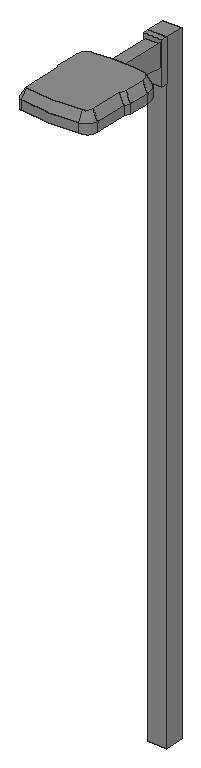
Revit family "VP-1_ASQU", category Lighting Fixtures, host Face, Revit 2019
Family settings
  Host = Face
  Round Connector Dimension = Use Diameter
  Part Type = Normal
  OmniClass Number = 23.80.70.11.14.17
  OmniClass Title = Direct/Indirect
  Cut with Voids When Loaded = No
  Light Source = No
  Shared = Yes
  Room Calculation Point = No
Parameters (values of type "VP-1-ASQU")
  Wattage Comments = "97.2W"
  Warranty = "Five year warranty"  # constant formula
  Voltage = 120 V
  URL = "https://www.currentlighting.com/beacon"
  Type Comments = "Lighting Fixture"  # constant formula
  Size1 [instance] = SIZE1-ASQU : SIZE1-ASQU
  Product Page URL = "https://www.currentlighting.com/outdoor-lighting/viper-area-size-1/9606403"
  Product Documentation Link = "https://cdn.currentlighting.com/site/specsheet/BEA_VIPERSPEC.pdf"
  Power Factor = 0.9
  Pole Height [instance] = 120.00"
  Name = "Viper Area Size 1"  # constant formula
  Model = "VP-1-ASQU"
  Matt Grey = MATT GREY
  Matt Black = Matt Black
  Manufacturer = "Current Lighting"  # constant formula
  Load Classification = Lighting
  Light Output = 6297.00 cd/m²
  Lamp = "LED"  # constant formula
  Grey = Grey
  Glass = Glass
  Pole Size [instance] = 3.50"
  Features = "Featuring two different optical technologies, Micro Strike and Strike Optics, which provide the best distribution patterns for retrofit or new construction\r\nVibration rated for high vibration applications including bridges and overpasses\r\nControl options including photo control, occupancy sensing, NX Lighting Controls, wiSCAPE and 7-Pin with networked controls\r\nMounting options include: Arm, Universal Arm, Adjustable Arm, Mast Arm, Decorative Arm, Knuckle, Trunnion, Wall\r\nDistribution options include: Auto Front Row, Type 2, Type 3, Type 4 Forward, Type 4 Wide, Type 5 Narrow, Type 5 Medium, Type 5 Wide, Type 5 Rectangular, Corner Optic, and Tennis Court\r\n\r\n"  # constant formula
  Copyright = "© 2022 Current Lighting"  # constant formula
  Cool Grey = Cool Grey
  Contact Us = "https://www.currentlighting.com/contact-us"
  Certification = "UL"  # constant formula
  Description = "The Viper is an extremely versatile area/site luminaire which blends design, performance, and technology for a variety of applications."  # constant formula
  Default Elevation = 48.00"
  Finish = Arctic White
  Matt White = Matt White
  CRI = "70"  # constant formula
  Brand = "Beacon"  # constant formula
  Assembly Code = "D5020200"
  Apparent Load = 97.2 VA
Reference planes (in)
  plane 1 "Center (Front/Back)": y = 6.16697
  plane 2: z = 0
  plane 3 "Center (Left/Right)": x = 0
  plane 4: z = 3.75
  plane 5: z = -4.44
  plane 6: x = -1.75
  plane 7: x = 1.75
  plane 8: y = 4.41697
  plane 9: y = 7.91697
  plane 10: z = 120
Forms (in)
  Extrusion 1, solid, material "Cool Grey" <- "Cool Grey"
    sketch origin (0, 0, 0) x (1, 0, 0) y (0, 1, 0)
      loop
        line (-1.75, 7.91697) -> (-1.75, 4.41697) -> (1.75, 4.41697) -> (1.75, 7.91697) -> (-1.75, 7.91697)
    from 0 to 120
Lines and regions (in)
  reference lines
    curve 1: line (0, 14.42606, -3.25) -> (0, 17.42606, -0.25)
    curve 2: line (0, -2.09213, -3.25) -> (0, 14.42606, -3.25)
    curve 3: line (0, -5.09213, -0.25) -> (0, -2.09213, -3.25)
    curve 4: line (0, 14.42606, -3.25) -> (0, 17.42606, -0.25)
    curve 5: line (0, -5.09213, -0.25) -> (0, 17.42606, -0.25)
    curve 6: line (0, 17.17606, -0.77432) -> (0, 17.92606, -0.77432)
    curve 7: line (0, 17.17606, -1.52432) -> (0, 17.17606, -0.77432)
    curve 8: line (0, 16.69614, -1.52432) -> (0, 17.17606, -1.52432)
    curve 9: line (0, 14.92606, -4.25) -> (0, 16.69614, -1.52432)
    curve 10: line (0, -4.3622, -1.52432) -> (0, -2.59213, -4.25)
    curve 11: line (0, -4.84213, -1.52432) -> (0, -4.3622, -1.52432)
    curve 12: line (0, -4.84213, -0.77432) -> (0, -4.84213, -1.52432)
    curve 13: line (0, -5.59213, -0.77432) -> (0, -4.84213, -0.77432)
Dimensions and locks (in)
  plane 4 to plane 2 = 3.75"
  "Pole Size": plane 8 to plane 9
  equal spacing: plane 8, plane 1 "Center (Front/Back)", plane 9
  equal spacing: plane 6, plane 3 "Center (Left/Right)", plane 7
  "Pole Size": plane 6 to plane 7
  "Pole Height": plane 10 to plane 2
  aligned and locked: plane 2 to host face
  aligned and locked: level to host face
  aligned and locked: plane 10 to Extrusion 1
  aligned and locked: plane 3 "Center (Left/Right)" to nested 1
  aligned and locked: plane 9 to Extrusion 1 sketch curve
  aligned and locked: plane 6 to Extrusion 1 sketch curve
  aligned and locked: Extrusion 1 sketch curve to plane 8
  aligned and locked: Extrusion 1 sketch curve to plane 7
  aligned and locked: plane 10 to nested 1
Automatic sketch dimensions
  host sketch curve to host sketch curve = 96.00"
  host sketch curve to host sketch curve = 85.00"
  curve 3 to level = 0.25"
  plane 8 to curve 3 = 9.50909"
  curve 3 to curve 12 = 0.25"
  curve 11 to curve 11 = 0.47992"
  curve 2 to plane 5 = 1.19"
  curve 10 to curve 2 = 2.27008"
  curve 1 to plane 9 = 6.50909"
  curve 9 to level = 1.52432"
  curve 1 to curve 9 = 2.27008"
  curve 8 to curve 8 = 0.47992"
  curve 6 to curve 4 = 0.25"
  curve 10 to curve 3 = 1.27432"
  curve 7 to curve 1 = 0.52432"
  curve 12 to curve 3 = 0.52432"
  curve 13 to curve 3 = 0.50"
  curve 10 to plane 5 = 0.19"
  curve 10 to curve 2 = 0.50"
  curve 9 to plane 5 = 0.19"
  curve 1 to curve 9 = 0.50"
  curve 1 to curve 6 = 0.50"
Nested families (in)
  nested 1: "SIZE1-ASQU" at (0, 4.41697, 117.432) x (1, 0, 0) z (0, -1, 0), type <- "Size1", Mounting Block Width <- "Pole Size", type "SIZE1-ASQU"
    with Mounting Block Width 3.50"
Connectors (in)
  electrical at (0, 6.16697, 0), driven by "Power Factor", driven by "Apparent Load", driven by "Voltage"
    settings: on Extrusion 1, index 1, voltage 120 V, apparent load 97.2 VA, apparent load phase1 0 VA, apparent load phase2 0 VA, apparent load phase3 0 VA, power factor 0.9, load classification "Other", number of poles 1, system type 30, power factor state 1, is connector primary yes, connector utility no, sub classification motor no, connector description "Light Fixture"
Definition of nested family "SIZE1-ASQU"
  Parameters (values of type "SIZE1-ASQU")
    Width = 14.38"
    Wattage = 97.2 W
    built-in parameter 1150110 = 1 (stored number, unit not read)
    built-in parameter 1114217 = 1 (stored number, unit not read)
    Tilt Angle = 160.00°
    built-in parameter 1150109 = 1 (stored number, unit not read)
    built-in parameter 1150134 = 3
    built-in parameter 1150113 = 1 (stored number, unit not read)
    Photometric Web File = "VP-1-160L-100-3K7-4W-BC.ies"
    Mounting Block Width [instance] = 3.00"
    Mount Length = 8.30"
    built-in parameter 1150105 = 502.77 (stored number, unit not read)
    Lumens = 6318 lm
    built-in parameter 1150115 = 1 (stored number, unit not read)
    built-in parameter 1150137 = (empty or 0)
    built-in parameter 1150139 = (empty or 0)
    Length = 16.76"
    built-in parameter 1150112 = 1 (stored number, unit not read)
    built-in parameter 1150114 = 1 (stored number, unit not read)
    built-in parameter 1150132 = (empty or 0)
    built-in parameter 1150102 = (empty or 0)
    built-in parameter 1150107 = 3200 (stored number, unit not read)
    built-in parameter 1150138 = (empty or 0)
    built-in parameter 1150106 = 5.0277 (stored number, unit not read)
    Glass = none
    Fixture = none
    built-in parameter 1150104 = 6.0387 (stored number, unit not read)
    Dimming Lamp Color Temperature Shift = (empty or 0)
    Default Elevation = 48.00"
    Color Filter = 16777215
    built-in parameter 1114218 = 1 (stored number, unit not read)
    built-in parameter 1150133 = 10 (stored number, unit not read)
  Reference planes (in)
    plane 1 "Center (Front/Back)": y = 0
    plane 2: z = 0
    plane 3 "Center (Left/Right)": x = 0
    plane 4: x = 7.19
    plane 5: x = -7.19
    plane 6: z = 8.3
    plane 7: z = 25.06
    plane 8: y = -1.74
    plane 9: y = 1.74
    plane 10: x = -1.5
    plane 11: x = 1.5
  Forms (in)
    Extrusion 1, solid
      sketch origin (0, 0, 0) x (1, 0, 0) y (0, 1, 0)
        loop
          line (-48, 48) -> (-48, -48) -> (48, -48) -> (48, 48) -> (-48, 48)
      from 0 to -12
    Extrusion 2, solid, material <- "Fixture"
      sketch origin (0, 0, 0) x (1, 0, 0) y (0, 0, 1)
        loop
          line (-6.90972, 16.52202) -> (-7.315, 15.47799) -> (-7.315, 11.44521)
          arc (-7.315, 11.44521) -> (-6.65907, 9.48733) -> (-4.95604, 8.31974) r 3.25
          arc (-4.95604, 8.31974) -> (0, 7.81429) -> (4.95604, 8.31974) r 24.55009
          arc (4.95604, 8.31974) -> (6.65907, 9.48733) -> (7.315, 11.44521) r 3.25
          line (7.315, 11.44521) -> (7.315, 15.47799) -> (6.8775, 16.60502) -> (6.8775, 22.64879)
          arc (6.8775, 22.64879) -> (6.32022, 24.03392) -> (4.95893, 24.64714) r 2
          arc (4.95893, 24.64714) -> (-0.50555, 25.00726) -> (-5.96128, 24.53274) r 35.92956
          arc (-5.96128, 24.53274) -> (-6.64447, 24.08958) -> (-6.90972, 23.31966) r 1.25
          line (-6.90972, 23.31966) -> (-6.90972, 16.52202)
      from 0 to 1.74
    Extrusion 3, solid, material <- "Fixture"
      sketch origin (0, 0, 0) x (0, 1, 0) y (0, 0, 1)
        loop
          line (1.74, 8.93918) -> (-1.6273, 8.93918) -> (-2.86955, -1.406) -> (1.74, -1.406) -> (1.74, 8.93918)
      from -1.24 to 1.24
    Extrusion 4, void
      sketch origin (0, 0, 0) x (1, 0, 0) y (0, 0, 1)
        loop
          arc (-5.91108, 15.93931) -> (0.07703, 16.26105) -> (6.065, 15.93674) r 55.66285
          line (6.065, 15.93674) -> (6.065, 22.74182) -> (-5.91108, 22.74182) -> (-5.91108, 15.93931)
      from 1 to 1.75
    Extrusion 5, solid, material <- "Glass"
      sketch origin (0, 0, -0.25) x (1, 0, 0) y (0, 0, 1)
        loop
          arc (-5.06487, 22.74182) -> (-5.31236, 22.63931) -> (-5.41487, 22.39182) r 0.35
          line (-5.41487, 22.39182) -> (-5.41487, 17.34182)
          arc (-5.41487, 17.34182) -> (-5.31236, 17.09434) -> (-5.06487, 16.99182) r 0.35
          line (-5.06487, 16.99182) -> (5.11803, 16.99182)
          arc (5.11803, 16.99182) -> (5.36552, 17.09434) -> (5.46803, 17.34182) r 0.35
          line (5.46803, 17.34182) -> (5.46803, 22.39182)
          arc (5.46803, 22.39182) -> (5.36552, 22.63931) -> (5.11803, 22.74182) r 0.35
          line (5.11803, 22.74182) -> (-5.06487, 22.74182)
      from 1 to 1.35
    Extrusion 6, solid, material <- "Glass"
      sketch origin (0, 0, -0.25) x (1, 0, 0) y (0, 0, 1)
        loop
          circle (-4.85829, 21.91694) r 0.15
        loop
          circle (-4.33955, 21.91694) r 0.15
        loop
          circle (-3.8208, 21.91694) r 0.15
        loop
          circle (-3.30205, 21.91694) r 0.15
        loop
          circle (-2.7833, 21.91694) r 0.15
        loop
          circle (-2.26455, 21.91694) r 0.15
        loop
          circle (-1.7458, 21.91694) r 0.15
        loop
          circle (-1.22705, 21.91694) r 0.15
        loop
          circle (-0.70831, 21.91694) r 0.15
        loop
          circle (-4.85829, 21.41694) r 0.15
        loop
          circle (-4.33955, 21.41694) r 0.15
        loop
          circle (-3.8208, 21.41694) r 0.15
        loop
          circle (-3.30205, 21.41694) r 0.15
        loop
          circle (-2.7833, 21.41694) r 0.15
        loop
          circle (-2.26455, 21.41694) r 0.15
        loop
          circle (-1.7458, 21.41694) r 0.15
        loop
          circle (-1.22705, 21.41694) r 0.15
        loop
          circle (-0.70831, 21.41694) r 0.15
        loop
          circle (-4.85829, 20.91694) r 0.15
        loop
          circle (-4.33955, 20.91694) r 0.15
        loop
          circle (-3.8208, 20.91694) r 0.15
        loop
          circle (-3.30205, 20.91694) r 0.15
        loop
          circle (-2.7833, 20.91694) r 0.15
        loop
          circle (-2.26455, 20.91694) r 0.15
        loop
          circle (-1.7458, 20.91694) r 0.15
        loop
          circle (-1.22705, 20.91694) r 0.15
        loop
          circle (-0.70831, 20.91694) r 0.15
        loop
          circle (-4.85829, 20.41694) r 0.15
        loop
          circle (-4.33955, 20.41694) r 0.15
        loop
          circle (-3.8208, 20.41694) r 0.15
        loop
          circle (-3.30205, 20.41694) r 0.15
        loop
          circle (-2.7833, 20.41694) r 0.15
        loop
          circle (-2.26455, 20.41694) r 0.15
        loop
          circle (-1.7458, 20.41694) r 0.15
        loop
          circle (-1.22705, 20.41694) r 0.15
        loop
          circle (-0.70831, 20.41694) r 0.15
        loop
          circle (-4.85829, 19.91694) r 0.15
        loop
          circle (-4.33955, 19.91694) r 0.15
        loop
          circle (-3.8208, 19.91694) r 0.15
        loop
          circle (-3.30205, 19.91694) r 0.15
        loop
          circle (-2.7833, 19.91694) r 0.15
        loop
          circle (-2.26455, 19.91694) r 0.15
        loop
          circle (-1.7458, 19.91694) r 0.15
        loop
          circle (-1.22705, 19.91694) r 0.15
        loop
          circle (-0.70831, 19.91694) r 0.15
        loop
          circle (-4.85829, 19.41694) r 0.15
        loop
          circle (-4.33955, 19.41694) r 0.15
        loop
          circle (-3.8208, 19.41694) r 0.15
        loop
          circle (-3.30205, 19.41694) r 0.15
        loop
          circle (-2.7833, 19.41694) r 0.15
        loop
          circle (-2.26455, 19.41694) r 0.15
        loop
          circle (-1.7458, 19.41694) r 0.15
        loop
          circle (-1.22705, 19.41694) r 0.15
        loop
          circle (-0.70831, 19.41694) r 0.15
        loop
          circle (-4.85829, 18.91694) r 0.15
        loop
          circle (-4.33955, 18.91694) r 0.15
        loop
          circle (-3.8208, 18.91694) r 0.15
        loop
          circle (-3.30205, 18.91694) r 0.15
        loop
          circle (-2.7833, 18.91694) r 0.15
        loop
          circle (-2.26455, 18.91694) r 0.15
        loop
          circle (-1.7458, 18.91694) r 0.15
        loop
          circle (-1.22705, 18.91694) r 0.15
        loop
          circle (-0.70831, 18.91694) r 0.15
        loop
          circle (-4.85829, 18.41694) r 0.15
        loop
          circle (-4.33955, 18.41694) r 0.15
        loop
          circle (-3.8208, 18.41694) r 0.15
        loop
          circle (-3.30205, 18.41694) r 0.15
        loop
          circle (-2.7833, 18.41694) r 0.15
        loop
          circle (-2.26455, 18.41694) r 0.15
        loop
          circle (-1.7458, 18.41694) r 0.15
        loop
          circle (-1.22705, 18.41694) r 0.15
        loop
          circle (-0.70831, 18.41694) r 0.15
        loop
          circle (-4.85829, 17.91694) r 0.15
        loop
          circle (-4.33955, 17.91694) r 0.15
        loop
          circle (-3.8208, 17.91694) r 0.15
        loop
          circle (-3.30205, 17.91694) r 0.15
        loop
          circle (-2.7833, 17.91694) r 0.15
        loop
          circle (-2.26455, 17.91694) r 0.15
        loop
          circle (-1.7458, 17.91694) r 0.15
        loop
          circle (-1.22705, 17.91694) r 0.15
        loop
          circle (-0.70831, 17.91694) r 0.15
      from 1.35 to 1.4
    Extrusion 7, solid, material <- "Glass"
      sketch origin (0, 0, -0.25) x (-1, 0, 0) y (0, 0, -1)
        loop
          circle (-4.85829, -21.91694) r 0.15
        loop
          circle (-4.33955, -21.91694) r 0.15
        loop
          circle (-3.8208, -21.91694) r 0.15
        loop
          circle (-3.30205, -21.91694) r 0.15
        loop
          circle (-2.7833, -21.91694) r 0.15
        loop
          circle (-2.26455, -21.91694) r 0.15
        loop
          circle (-1.7458, -21.91694) r 0.15
        loop
          circle (-1.22705, -21.91694) r 0.15
        loop
          circle (-0.70831, -21.91694) r 0.15
        loop
          circle (-4.85829, -21.41694) r 0.15
        loop
          circle (-4.33955, -21.41694) r 0.15
        loop
          circle (-3.8208, -21.41694) r 0.15
        loop
          circle (-3.30205, -21.41694) r 0.15
        loop
          circle (-2.7833, -21.41694) r 0.15
        loop
          circle (-2.26455, -21.41694) r 0.15
        loop
          circle (-1.7458, -21.41694) r 0.15
        loop
          circle (-1.22705, -21.41694) r 0.15
        loop
          circle (-0.70831, -21.41694) r 0.15
        loop
          circle (-4.85829, -20.91694) r 0.15
        loop
          circle (-4.33955, -20.91694) r 0.15
        loop
          circle (-3.8208, -20.91694) r 0.15
        loop
          circle (-3.30205, -20.91694) r 0.15
        loop
          circle (-2.7833, -20.91694) r 0.15
        loop
          circle (-2.26455, -20.91694) r 0.15
        loop
          circle (-1.7458, -20.91694) r 0.15
        loop
          circle (-1.22705, -20.91694) r 0.15
        loop
          circle (-0.70831, -20.91694) r 0.15
        loop
          circle (-4.85829, -20.41694) r 0.15
        loop
          circle (-4.33955, -20.41694) r 0.15
        loop
          circle (-3.8208, -20.41694) r 0.15
        loop
          circle (-3.30205, -20.41694) r 0.15
        loop
          circle (-2.7833, -20.41694) r 0.15
        loop
          circle (-2.26455, -20.41694) r 0.15
        loop
          circle (-1.7458, -20.41694) r 0.15
        loop
          circle (-1.22705, -20.41694) r 0.15
        loop
          circle (-0.70831, -20.41694) r 0.15
        loop
          circle (-4.85829, -19.91694) r 0.15
        loop
          circle (-4.33955, -19.91694) r 0.15
        loop
          circle (-3.8208, -19.91694) r 0.15
        loop
          circle (-3.30205, -19.91694) r 0.15
        loop
          circle (-2.7833, -19.91694) r 0.15
        loop
          circle (-2.26455, -19.91694) r 0.15
        loop
          circle (-1.7458, -19.91694) r 0.15
        loop
          circle (-1.22705, -19.91694) r 0.15
        loop
          circle (-0.70831, -19.91694) r 0.15
        loop
          circle (-4.85829, -19.41694) r 0.15
        loop
          circle (-4.33955, -19.41694) r 0.15
        loop
          circle (-3.8208, -19.41694) r 0.15
        loop
          circle (-3.30205, -19.41694) r 0.15
        loop
          circle (-2.7833, -19.41694) r 0.15
        loop
          circle (-2.26455, -19.41694) r 0.15
        loop
          circle (-1.7458, -19.41694) r 0.15
        loop
          circle (-1.22705, -19.41694) r 0.15
        loop
          circle (-0.70831, -19.41694) r 0.15
        loop
          circle (-4.85829, -18.91694) r 0.15
        loop
          circle (-4.33955, -18.91694) r 0.15
        loop
          circle (-3.8208, -18.91694) r 0.15
        loop
          circle (-3.30205, -18.91694) r 0.15
        loop
          circle (-2.7833, -18.91694) r 0.15
        loop
          circle (-2.26455, -18.91694) r 0.15
        loop
          circle (-1.7458, -18.91694) r 0.15
        loop
          circle (-1.22705, -18.91694) r 0.15
        loop
          circle (-0.70831, -18.91694) r 0.15
        loop
          circle (-4.85829, -18.41694) r 0.15
        loop
          circle (-4.33955, -18.41694) r 0.15
        loop
          circle (-3.8208, -18.41694) r 0.15
        loop
          circle (-3.30205, -18.41694) r 0.15
        loop
          circle (-2.7833, -18.41694) r 0.15
        loop
          circle (-2.26455, -18.41694) r 0.15
        loop
          circle (-1.7458, -18.41694) r 0.15
        loop
          circle (-1.22705, -18.41694) r 0.15
        loop
          circle (-0.70831, -18.41694) r 0.15
        loop
          circle (-4.85829, -17.91694) r 0.15
        loop
          circle (-4.33955, -17.91694) r 0.15
        loop
          circle (-3.8208, -17.91694) r 0.15
        loop
          circle (-3.30205, -17.91694) r 0.15
        loop
          circle (-2.7833, -17.91694) r 0.15
        loop
          circle (-2.26455, -17.91694) r 0.15
        loop
          circle (-1.7458, -17.91694) r 0.15
        loop
          circle (-1.22705, -17.91694) r 0.15
        loop
          circle (-0.70831, -17.91694) r 0.15
      from 1.35 to 1.4
    Extrusion 8, solid, material <- "Glass"
      sketch origin (0, 0, -0.25) x (1, 0, 0) y (0, 0, 1)
        loop
          arc (-5.04655, 22.4209) -> (-5.22333, 22.34768) -> (-5.29655, 22.1709) r 0.25
          line (-5.29655, 22.1709) -> (-5.29655, 17.6709)
          arc (-5.29655, 17.6709) -> (-5.22333, 17.49412) -> (-5.04655, 17.4209) r 0.25
          line (-5.04655, 17.4209) -> (-0.54655, 17.4209)
          arc (-0.54655, 17.4209) -> (-0.36977, 17.49412) -> (-0.29655, 17.6709) r 0.25
          line (-0.29655, 17.6709) -> (-0.29655, 22.1709)
          arc (-0.29655, 22.1709) -> (-0.36977, 22.34768) -> (-0.54655, 22.4209) r 0.25
          line (-0.54655, 22.4209) -> (-5.04655, 22.4209)
      from 1.35 to 1.37213
    Extrusion 9, solid, material <- "Glass"
      sketch origin (0, 0, -0.25) x (-1, 0, 0) y (0, 0, -1)
        loop
          line (-5.04655, -22.4209) -> (-0.54655, -22.4209)
          arc (-0.54655, -22.4209) -> (-0.36977, -22.34768) -> (-0.29655, -22.1709) r 0.25
          line (-0.29655, -22.1709) -> (-0.29655, -17.6709)
          arc (-0.29655, -17.6709) -> (-0.36977, -17.49412) -> (-0.54655, -17.4209) r 0.25
          line (-0.54655, -17.4209) -> (-5.04655, -17.4209)
          arc (-5.04655, -17.4209) -> (-5.22333, -17.49412) -> (-5.29655, -17.6709) r 0.25
          line (-5.29655, -17.6709) -> (-5.29655, -22.1709)
          arc (-5.29655, -22.1709) -> (-5.22333, -22.34768) -> (-5.04655, -22.4209) r 0.25
      from 1.35 to 1.37213
    Extrusion 10, solid, material <- "Fixture"
      sketch origin (0.125, 0, 2.75) x (1, 0, 0) y (0, 1, 0)
        loop
          line (5.34818, -1) -> (5.34818, -1.20146)
          arc (5.34818, -1.20146) -> (5.35492, -1.23973) -> (5.37436, -1.27339) r 0.1119
          line (5.37436, -1.27339) -> (5.73492, -1.70309)
          arc (5.73492, -1.70309) -> (5.76289, -1.72455) -> (5.79732, -1.73219) r 0.08147
          line (5.79732, -1.73219) -> (5.94, -1.73219) -> (5.94, -1) -> (5.34818, -1)
      from 18.55 to 18.65
    Extrusion 11, solid, material <- "Fixture"
      sketch origin (0.125, 0, 1.84761) x (1, 0, 0) y (0, 1, 0)
        loop
          line (5.34818, -1) -> (5.34818, -1.20146)
          arc (5.34818, -1.20146) -> (5.35492, -1.23973) -> (5.37436, -1.27339) r 0.1119
          line (5.37436, -1.27339) -> (5.73492, -1.70309)
          arc (5.73492, -1.70309) -> (5.76289, -1.72455) -> (5.79732, -1.73219) r 0.08147
          line (5.79732, -1.73219) -> (5.94, -1.73219) -> (5.94, -1) -> (5.34818, -1)
      from 18.55 to 18.65
    Extrusion 12, solid, material <- "Fixture"
      sketch origin (0.125, 0, 0.95579) x (1, 0, 0) y (0, 1, 0)
        loop
          line (5.34818, -1) -> (5.34818, -1.20146)
          arc (5.34818, -1.20146) -> (5.35492, -1.23973) -> (5.37436, -1.27339) r 0.1119
          line (5.37436, -1.27339) -> (5.73492, -1.70309)
          arc (5.73492, -1.70309) -> (5.76289, -1.72455) -> (5.79732, -1.73219) r 0.08147
          line (5.79732, -1.73219) -> (5.94, -1.73219) -> (5.94, -1) -> (5.34818, -1)
      from 18.55 to 18.65
    Extrusion 13, solid, material <- "Fixture"
      sketch origin (0.125, 0, 0.06397) x (1, 0, 0) y (0, 1, 0)
        loop
          line (5.34818, -1) -> (5.34818, -1.20146)
          arc (5.34818, -1.20146) -> (5.35492, -1.23973) -> (5.37436, -1.27339) r 0.1119
          line (5.37436, -1.27339) -> (5.73492, -1.70309)
          arc (5.73492, -1.70309) -> (5.76289, -1.72455) -> (5.79732, -1.73219) r 0.08147
          line (5.79732, -1.73219) -> (5.94, -1.73219) -> (5.94, -1) -> (5.34818, -1)
      from 18.55 to 18.65
    Extrusion 14, solid, material <- "Fixture"
      sketch origin (0.125, 0, -0.82681) x (1, 0, 0) y (0, 1, 0)
        loop
          line (5.34818, -1) -> (5.34818, -1.20146)
          arc (5.34818, -1.20146) -> (5.35492, -1.23973) -> (5.37436, -1.27339) r 0.1119
          line (5.37436, -1.27339) -> (5.73492, -1.70309)
          arc (5.73492, -1.70309) -> (5.76289, -1.72455) -> (5.79732, -1.73219) r 0.08147
          line (5.79732, -1.73219) -> (5.94, -1.73219) -> (5.94, -1) -> (5.34818, -1)
      from 18.55 to 18.65
    Extrusion 15, solid, material <- "Fixture"
      sketch origin (0, 0, 2.75) x (-1, 0, 0) y (0, -1, 0)
        loop
          line (5.34818, 1) -> (5.94, 1) -> (5.94, 1.73219) -> (5.79732, 1.73219)
          arc (5.79732, 1.73219) -> (5.76289, 1.72455) -> (5.73492, 1.70309) r 0.08147
          line (5.73492, 1.70309) -> (5.37436, 1.27339)
          arc (5.37436, 1.27339) -> (5.35492, 1.23973) -> (5.34818, 1.20146) r 0.1119
          line (5.34818, 1.20146) -> (5.34818, 1)
      from 18.55 to 18.65
    Extrusion 16, solid, material <- "Fixture"
      sketch origin (0, 0, 1.84761) x (-1, 0, 0) y (0, -1, 0)
        loop
          line (5.34818, 1) -> (5.94, 1) -> (5.94, 1.73219) -> (5.79732, 1.73219)
          arc (5.79732, 1.73219) -> (5.76289, 1.72455) -> (5.73492, 1.70309) r 0.08147
          line (5.73492, 1.70309) -> (5.37436, 1.27339)
          arc (5.37436, 1.27339) -> (5.35492, 1.23973) -> (5.34818, 1.20146) r 0.1119
          line (5.34818, 1.20146) -> (5.34818, 1)
      from 18.55 to 18.65
    Extrusion 17, solid, material <- "Fixture"
      sketch origin (0, 0, 0.95579) x (-1, 0, 0) y (0, -1, 0)
        loop
          line (5.34818, 1) -> (5.94, 1) -> (5.94, 1.73219) -> (5.79732, 1.73219)
          arc (5.79732, 1.73219) -> (5.76289, 1.72455) -> (5.73492, 1.70309) r 0.08147
          line (5.73492, 1.70309) -> (5.37436, 1.27339)
          arc (5.37436, 1.27339) -> (5.35492, 1.23973) -> (5.34818, 1.20146) r 0.1119
          line (5.34818, 1.20146) -> (5.34818, 1)
      from 18.55 to 18.65
    Extrusion 18, solid, material <- "Fixture"
      sketch origin (0, 0, 0.06397) x (-1, 0, 0) y (0, -1, 0)
        loop
          line (5.34818, 1) -> (5.94, 1) -> (5.94, 1.73219) -> (5.79732, 1.73219)
          arc (5.79732, 1.73219) -> (5.76289, 1.72455) -> (5.73492, 1.70309) r 0.08147
          line (5.73492, 1.70309) -> (5.37436, 1.27339)
          arc (5.37436, 1.27339) -> (5.35492, 1.23973) -> (5.34818, 1.20146) r 0.1119
          line (5.34818, 1.20146) -> (5.34818, 1)
      from 18.55 to 18.65
    Extrusion 19, solid, material <- "Fixture"
      sketch origin (0, 0, -0.82681) x (-1, 0, 0) y (0, -1, 0)
        loop
          line (5.34818, 1) -> (5.94, 1) -> (5.94, 1.73219) -> (5.79732, 1.73219)
          arc (5.79732, 1.73219) -> (5.76289, 1.72455) -> (5.73492, 1.70309) r 0.08147
          line (5.73492, 1.70309) -> (5.37436, 1.27339)
          arc (5.37436, 1.27339) -> (5.35492, 1.23973) -> (5.34818, 1.20146) r 0.1119
          line (5.34818, 1.20146) -> (5.34818, 1)
      from 18.55 to 18.65
    Extrusion 20, void
      sketch origin (0.16486, 0, 5.1993) x (1, 0, 0) y (0, 0, 1)
        loop
          line (-5.94707, 9.88637) -> (-5.94707, 8.88637)
          arc (-5.94707, 8.88637) -> (-0.00354, 7.88584) -> (5.94, 8.88637) r 18.15382
          line (5.94, 8.88637) -> (5.94, 9.88637)
          arc (5.94, 9.88637) -> (-0.00354, 8.88584) -> (-5.94707, 9.88637) r 18.15382
        loop
          line (-5.85535, 7.87828) -> (-5.85535, 7.60486)
          arc (-5.85535, 7.60486) -> (0.0002, 6.63584) -> (5.85535, 7.60727) r 18.15382
          line (5.85535, 7.60727) -> (5.85535, 7.88068)
          arc (5.85535, 7.88068) -> (0.0002, 6.91466) -> (-5.85535, 7.87828) r 18.25
        loop
          line (-5.85535, 7.12828) -> (-5.85535, 6.85486)
          arc (-5.85535, 6.85486) -> (0.0002, 5.88584) -> (5.85535, 6.85727) r 18.15382
          line (5.85535, 6.85727) -> (5.85535, 7.13068)
          arc (5.85535, 7.13068) -> (0.0002, 6.16466) -> (-5.85535, 7.12828) r 18.25
      from 1 to 1.75
    Blend 21, solid, material <- "Fixture"
      base sketch origin (0, 0, 0) x (1, 0, 0) y (0, 0, 1)
        loop
          arc (6.8775, 22.64879) -> (6.31798, 24.03624) -> (4.95249, 24.64739) r 2
          arc (4.95249, 24.64739) -> (-0.51269, 25.00653) -> (-5.96896, 24.53081) r 35.9289
          arc (-5.96896, 24.53081) -> (-6.6469, 24.08646) -> (-6.90972, 23.31966) r 1.25
          line (-6.90972, 23.31966) -> (-6.90972, 16.52202) -> (-7.315, 15.47799) -> (-7.315, 11.44521)
          arc (-7.315, 11.44521) -> (-6.65907, 9.48733) -> (-4.95604, 8.31974) r 3.25
          arc (-4.95604, 8.31974) -> (0, 7.81429) -> (4.95604, 8.31974) r 24.55009
          arc (4.95604, 8.31974) -> (6.65907, 9.48733) -> (7.315, 11.44521) r 3.25
          line (7.315, 11.44521) -> (7.315, 15.47799) -> (6.8775, 16.60502) -> (6.8775, 22.64879)
      top sketch origin (0, 0, 0) x (1, 0, 0) y (0, 0, 1)
        loop
          arc (5.8775, 22.64879) -> (5.59173, 23.34871) -> (4.89775, 23.64859) r 1
          arc (4.89775, 23.64859) -> (-0.41657, 24.011) -> (-5.72421, 23.5612) r 34.93251
          arc (-5.72421, 23.5612) -> (-5.85799, 23.47194) -> (-5.90972, 23.31966) r 0.25
          line (-5.90972, 23.31966) -> (-5.90972, 16.33474) -> (-6.315, 15.29071) -> (-6.315, 11.44521)
          arc (-6.315, 11.44521) -> (-5.87115, 10.10345) -> (-4.71471, 9.29106) r 2.25
          arc (-4.71471, 9.29106) -> (0, 8.81429) -> (4.71471, 9.29106) r 23.55009
          arc (4.71471, 9.29106) -> (5.87115, 10.10345) -> (6.315, 11.44521) r 2.25
          line (6.315, 11.44521) -> (6.315, 15.29071) -> (5.8775, 16.41774) -> (5.8775, 22.64879)
      from 0 to -1.74
    Extrusion 22, solid, material <- "Fixture"
      sketch origin (0, 0, 0) x (1, 0, 0) y (0, 1, 0)
        loop
          line (-1.5, 2.568) -> (-1.5, -5.432) -> (1.5, -5.432) -> (1.5, 2.568) -> (-1.5, 2.568)
      from 0 to 1.12478
  Cuts and joins
    Extrusion 4, Extrusion 20 cuts Extrusion 2
    Extrusion 4, Extrusion 20 cuts Extrusion 3
    joined: Extrusion 2, Extrusion 3
  Dimensions and locks (in)
    equal spacing: plane 4, plane 3 "Center (Left/Right)", plane 5
    "Width": plane 4 to plane 5
    "Length": plane 7 to plane 6
    "Mount Length": plane 6 to plane 2
    equal spacing: plane 10, plane 3 "Center (Left/Right)", plane 11
    "Mounting Block Width": plane 10 to plane 11
    aligned and locked: plane 2 to Extrusion 1
    aligned and locked: level to Extrusion 1
    aligned and locked: Extrusion 22 to plane 10
    aligned and locked: plane 11 to Extrusion 22
  Automatic sketch dimensions
    Extrusion 1 sketch curve to Extrusion 1 sketch curve = 96.00"  (x2)
    Extrusion 2 sketch curve to plane 3 "Center (Left/Right)" = 0.00"
    Extrusion 2 sketch curve to plane 3 "Center (Left/Right)" = 0.12919"
    plane 5 to Extrusion 2 sketch curve = 3.125"
    plane 5 to Extrusion 2 sketch curve = 1.53028"
    plane 5 to Extrusion 2 sketch curve = 0.28028"
    Extrusion 2 sketch curve to plane 5 = 0.125"
    Extrusion 2 sketch curve to plane 4 = 3.125"
    Extrusion 2 sketch curve to plane 4 = 2.3125"
    Extrusion 2 sketch curve to plane 4 = 0.3125"
    plane 4 to Extrusion 2 sketch curve = 0.125"
    Extrusion 2 sketch curve to level = 10.92033"
    plane 6 to Extrusion 2 sketch curve = 3.14521"
    Extrusion 2 sketch curve to Extrusion 2 sketch curve = 0.00"
    Extrusion 2 sketch curve to Extrusion 2 sketch curve = 4.03278"  (x2)
    Extrusion 2 sketch curve to Extrusion 2 sketch curve = 1.04403"
    Extrusion 2 sketch curve to Extrusion 2 sketch curve = 1.12703"
    Extrusion 2 sketch curve to plane 7 = 2.41121"
    Extrusion 2 sketch curve to Extrusion 2 sketch curve = 6.79764"
    plane 7 to Extrusion 2 sketch curve = 7.30438"
    plane 6 to Extrusion 2 sketch curve = 0.01974"
    Extrusion 2 sketch curve to plane 7 = 0.52726"
    Extrusion 3 sketch curve to plane 9 = 0.00"
    Extrusion 3 sketch curve to plane 8 = 0.1127"
    plane 8 to Extrusion 3 sketch curve = 1.12955"
    Extrusion 3 sketch curve to level = 1.406"
    plane 6 to Extrusion 3 sketch curve = 0.63918"
    plane 5 to Extrusion 4 sketch curve = 1.27892"
    plane 3 "Center (Left/Right)" to Extrusion 4 sketch curve = 0.06506"
    Extrusion 4 sketch curve to plane 4 = 1.125"
    Extrusion 4 sketch curve to level = 39.4018"
    plane 6 to Extrusion 4 sketch curve = 7.63674"
    Extrusion 4 sketch curve to plane 7 = 2.31818"
    plane 5 to Extrusion 5 sketch curve = 1.77513"
    Extrusion 5 sketch curve to Extrusion 5 sketch curve = 0.35"  (x3)
    Extrusion 5 sketch curve to plane 4 = 2.07197"  (x2)
    Extrusion 5 sketch curve to plane 7 = 8.31818"
    Extrusion 5 sketch curve to plane 7 = 2.91818"
    plane 5 to Extrusion 6 sketch curve = 2.33171"
    Extrusion 6 sketch curve to Extrusion 6 sketch curve = 0.00"  (x61)
    Extrusion 6 sketch curve to Extrusion 6 sketch curve = 0.51875"  (x27)
    Extrusion 6 sketch curve to plane 7 = 7.39306"
    Extrusion 6 sketch curve to Extrusion 6 sketch curve = 0.50"  (x72)
    plane 4 to Extrusion 7 sketch curve = 2.33171"
    Extrusion 7 sketch curve to Extrusion 7 sketch curve = 0.00"  (x61)
    Extrusion 7 sketch curve to Extrusion 7 sketch curve = 0.51875"  (x27)
    plane 7 to Extrusion 7 sketch curve = 7.39306"
    Extrusion 7 sketch curve to Extrusion 7 sketch curve = 0.50"  (x72)
    plane 5 to Extrusion 8 sketch curve = 1.89345"
    Extrusion 8 sketch curve to Extrusion 8 sketch curve = 0.25"  (x3)
    Extrusion 8 sketch curve to plane 3 "Center (Left/Right)" = 0.54655"  (x2)
    Extrusion 8 sketch curve to plane 7 = 7.8891"
    Extrusion 8 sketch curve to plane 7 = 3.1391"
    plane 4 to Extrusion 9 sketch curve = 1.89345"
    Extrusion 9 sketch curve to Extrusion 9 sketch curve = 0.25"  (x3)
    Extrusion 9 sketch curve to plane 3 "Center (Left/Right)" = 0.54655"  (x2)
    plane 7 to Extrusion 9 sketch curve = 7.8891"
    plane 7 to Extrusion 9 sketch curve = 3.1391"
    Extrusion 10 sketch curve to plane 4 = 1.71682"
    Extrusion 10 sketch curve to plane 8 = 0.46661"
    Extrusion 10 sketch curve to Extrusion 10 sketch curve = 0.02618"
    Extrusion 10 sketch curve to Extrusion 10 sketch curve = 0.1119"
    Extrusion 10 sketch curve to plane 8 = 0.03691"
    Extrusion 10 sketch curve to Extrusion 10 sketch curve = 0.36056"
    Extrusion 10 sketch curve to plane 8 = 0.00781"
    Extrusion 10 sketch curve to Extrusion 10 sketch curve = 0.06241"
    Extrusion 10 sketch curve to Extrusion 10 sketch curve = 0.47992"
    Extrusion 10 sketch curve to Extrusion 10 sketch curve = 0.20146"
    Extrusion 11 sketch curve to plane 4 = 1.71682"
    Extrusion 11 sketch curve to plane 8 = 0.46661"
    Extrusion 11 sketch curve to Extrusion 11 sketch curve = 0.02618"
    Extrusion 11 sketch curve to Extrusion 11 sketch curve = 0.1119"
    Extrusion 11 sketch curve to plane 8 = 0.03691"
    Extrusion 11 sketch curve to Extrusion 11 sketch curve = 0.36056"
    Extrusion 11 sketch curve to plane 8 = 0.00781"
    Extrusion 11 sketch curve to Extrusion 11 sketch curve = 0.06241"
    Extrusion 11 sketch curve to Extrusion 11 sketch curve = 0.47992"
    Extrusion 11 sketch curve to Extrusion 11 sketch curve = 0.20146"
    Extrusion 12 sketch curve to plane 4 = 1.71682"
    Extrusion 12 sketch curve to plane 8 = 0.46661"
    Extrusion 12 sketch curve to Extrusion 12 sketch curve = 0.02618"
    Extrusion 12 sketch curve to Extrusion 12 sketch curve = 0.1119"
    Extrusion 12 sketch curve to plane 8 = 0.03691"
    Extrusion 12 sketch curve to Extrusion 12 sketch curve = 0.36056"
    Extrusion 12 sketch curve to plane 8 = 0.00781"
    Extrusion 12 sketch curve to Extrusion 12 sketch curve = 0.06241"
    Extrusion 12 sketch curve to Extrusion 12 sketch curve = 0.47992"
    Extrusion 12 sketch curve to Extrusion 12 sketch curve = 0.20146"
    Extrusion 13 sketch curve to plane 4 = 1.71682"
    Extrusion 13 sketch curve to plane 8 = 0.46661"
    Extrusion 13 sketch curve to Extrusion 13 sketch curve = 0.02618"
    Extrusion 13 sketch curve to Extrusion 13 sketch curve = 0.1119"
    Extrusion 13 sketch curve to plane 8 = 0.03691"
    Extrusion 13 sketch curve to Extrusion 13 sketch curve = 0.36056"
    Extrusion 13 sketch curve to plane 8 = 0.00781"
    Extrusion 13 sketch curve to Extrusion 13 sketch curve = 0.06241"
    Extrusion 13 sketch curve to Extrusion 13 sketch curve = 0.47992"
    Extrusion 13 sketch curve to Extrusion 13 sketch curve = 0.20146"
    Extrusion 14 sketch curve to plane 4 = 1.71682"
    Extrusion 14 sketch curve to plane 8 = 0.46661"
    Extrusion 14 sketch curve to Extrusion 14 sketch curve = 0.02618"
    Extrusion 14 sketch curve to Extrusion 14 sketch curve = 0.1119"
    Extrusion 14 sketch curve to plane 8 = 0.03691"
    Extrusion 14 sketch curve to Extrusion 14 sketch curve = 0.36056"
    Extrusion 14 sketch curve to plane 8 = 0.00781"
    Extrusion 14 sketch curve to Extrusion 14 sketch curve = 0.06241"
    Extrusion 14 sketch curve to Extrusion 14 sketch curve = 0.47992"
    Extrusion 14 sketch curve to Extrusion 14 sketch curve = 0.20146"
    Extrusion 15 sketch curve to plane 5 = 1.84182"
    plane 8 to Extrusion 15 sketch curve = 0.46661"
    Extrusion 15 sketch curve to Extrusion 15 sketch curve = 0.02618"
    Extrusion 15 sketch curve to Extrusion 15 sketch curve = 0.1119"
    plane 8 to Extrusion 15 sketch curve = 0.03691"
    Extrusion 15 sketch curve to Extrusion 15 sketch curve = 0.36056"
    plane 8 to Extrusion 15 sketch curve = 0.00781"
    Extrusion 15 sketch curve to Extrusion 15 sketch curve = 0.06241"
    Extrusion 15 sketch curve to Extrusion 15 sketch curve = 0.47992"
    Extrusion 15 sketch curve to Extrusion 15 sketch curve = 0.20146"
    plane 5 to Extrusion 16 sketch curve = 1.84182"
    Extrusion 16 sketch curve to plane 8 = 0.46661"
    Extrusion 16 sketch curve to Extrusion 16 sketch curve = 0.02618"
    Extrusion 16 sketch curve to Extrusion 16 sketch curve = 0.1119"
    Extrusion 16 sketch curve to plane 8 = 0.03691"
    Extrusion 16 sketch curve to Extrusion 16 sketch curve = 0.36056"
    Extrusion 16 sketch curve to plane 8 = 0.00781"
    Extrusion 16 sketch curve to Extrusion 16 sketch curve = 0.06241"
    Extrusion 16 sketch curve to Extrusion 16 sketch curve = 0.47992"
    Extrusion 16 sketch curve to Extrusion 16 sketch curve = 0.20146"
    plane 5 to Extrusion 17 sketch curve = 1.84182"
    Extrusion 17 sketch curve to plane 8 = 0.46661"
    Extrusion 17 sketch curve to Extrusion 17 sketch curve = 0.02618"
    Extrusion 17 sketch curve to Extrusion 17 sketch curve = 0.1119"
    Extrusion 17 sketch curve to plane 8 = 0.03691"
    Extrusion 17 sketch curve to Extrusion 17 sketch curve = 0.36056"
    Extrusion 17 sketch curve to plane 8 = 0.00781"
    Extrusion 17 sketch curve to Extrusion 17 sketch curve = 0.06241"
    Extrusion 17 sketch curve to Extrusion 17 sketch curve = 0.47992"
    Extrusion 17 sketch curve to Extrusion 17 sketch curve = 0.20146"
    plane 5 to Extrusion 18 sketch curve = 1.84182"
    Extrusion 18 sketch curve to plane 8 = 0.46661"
    Extrusion 18 sketch curve to Extrusion 18 sketch curve = 0.02618"
    Extrusion 18 sketch curve to Extrusion 18 sketch curve = 0.1119"
    Extrusion 18 sketch curve to plane 8 = 0.03691"
    Extrusion 18 sketch curve to Extrusion 18 sketch curve = 0.36056"
    Extrusion 18 sketch curve to plane 8 = 0.00781"
    Extrusion 18 sketch curve to Extrusion 18 sketch curve = 0.06241"
    Extrusion 18 sketch curve to Extrusion 18 sketch curve = 0.47992"
    Extrusion 18 sketch curve to Extrusion 18 sketch curve = 0.20146"
    plane 5 to Extrusion 19 sketch curve = 1.84182"
    Extrusion 19 sketch curve to plane 8 = 0.46661"
    Extrusion 19 sketch curve to Extrusion 19 sketch curve = 0.02618"
    Extrusion 19 sketch curve to Extrusion 19 sketch curve = 0.1119"
    Extrusion 19 sketch curve to plane 8 = 0.03691"
    Extrusion 19 sketch curve to Extrusion 19 sketch curve = 0.36056"
    Extrusion 19 sketch curve to plane 8 = 0.00781"
    Extrusion 19 sketch curve to Extrusion 19 sketch curve = 0.06241"
    Extrusion 19 sketch curve to Extrusion 19 sketch curve = 0.47992"
    Extrusion 19 sketch curve to Extrusion 19 sketch curve = 0.20146"
    plane 5 to Extrusion 20 sketch curve = 1.40779"
    plane 5 to Extrusion 20 sketch curve = 1.49951"
    Extrusion 20 sketch curve to Extrusion 20 sketch curve = 0.00"  (x2)
    plane 3 "Center (Left/Right)" to Extrusion 20 sketch curve = 0.16132"  (x6)
    Extrusion 20 sketch curve to plane 4 = 1.1698"
    Extrusion 20 sketch curve to plane 4 = 1.08514"
    plane 6 to Extrusion 20 sketch curve = 3.75416"
    Extrusion 20 sketch curve to Extrusion 20 sketch curve = 0.00241"
    Extrusion 20 sketch curve to Extrusion 20 sketch curve = 0.27343"  (x2)
    Extrusion 20 sketch curve to Extrusion 20 sketch curve = 0.27341"  (x2)
    Extrusion 20 sketch curve to Extrusion 20 sketch curve = 0.47657"
    Extrusion 20 sketch curve to Extrusion 20 sketch curve = 0.47659"
    Extrusion 20 sketch curve to Extrusion 20 sketch curve = 1.00808"
    Extrusion 20 sketch curve to Extrusion 20 sketch curve = 1.00"  (x2)
    Extrusion 20 sketch curve to Extrusion 20 sketch curve = 0.875"
    Blend 21 sketch curve to plane 3 "Center (Left/Right)" = 0.00"  (x2)
    Blend 21 sketch curve to plane 3 "Center (Left/Right)" = 0.12919"  (x2)
    plane 5 to Blend 21 sketch curve = 3.125"  (x2)
    plane 5 to Blend 21 sketch curve = 1.53028"  (x2)
    plane 5 to Blend 21 sketch curve = 0.28028"
    Blend 21 sketch curve to plane 5 = 0.125"
    Blend 21 sketch curve to plane 4 = 3.125"  (x2)
    Blend 21 sketch curve to plane 4 = 2.3125"  (x2)
    Blend 21 sketch curve to plane 4 = 0.3125"
    plane 4 to Blend 21 sketch curve = 0.125"
    Blend 21 sketch curve to level = 10.92033"  (x2)
    plane 6 to Blend 21 sketch curve = 3.14521"  (x2)
    Blend 21 sketch curve to Blend 21 sketch curve = 0.00"  (x2)
    Blend 21 sketch curve to Blend 21 sketch curve = 4.03278"  (x2)
    Blend 21 sketch curve to Blend 21 sketch curve = 1.04403"  (x2)
    Blend 21 sketch curve to Blend 21 sketch curve = 1.12703"  (x2)
    Blend 21 sketch curve to plane 7 = 2.41121"  (x2)
    Blend 21 sketch curve to Blend 21 sketch curve = 6.79764"
    plane 7 to Blend 21 sketch curve = 7.30438"  (x2)
    plane 6 to Blend 21 sketch curve = 0.01974"
    Blend 21 sketch curve to plane 7 = 0.52919"
    Blend 21 sketch curve to Blend 21 sketch curve = 0.25"
    plane 5 to Blend 21 sketch curve = 0.875"
    Blend 21 sketch curve to plane 4 = 1.3125"
    Blend 21 sketch curve to plane 4 = 0.875"
    Blend 21 sketch curve to Blend 21 sketch curve = 3.8455"  (x2)
    Blend 21 sketch curve to Blend 21 sketch curve = 6.98493"
    plane 6 to Blend 21 sketch curve = 0.99106"
    Blend 21 sketch curve to Blend 21 sketch curve = 0.06449"
    Extrusion 22 sketch curve to plane 3 "Center (Left/Right)" = 1.50"
    plane 3 "Center (Left/Right)" to Extrusion 22 sketch curve = 1.50"
    plane 8 to Extrusion 22 sketch curve = 3.692"
    Extrusion 22 sketch curve to plane 9 = 0.828"
    radius of Extrusion 6 sketch curve = 0.15"  (x81)
    radius of Extrusion 7 sketch curve = 0.15"  (x81)
